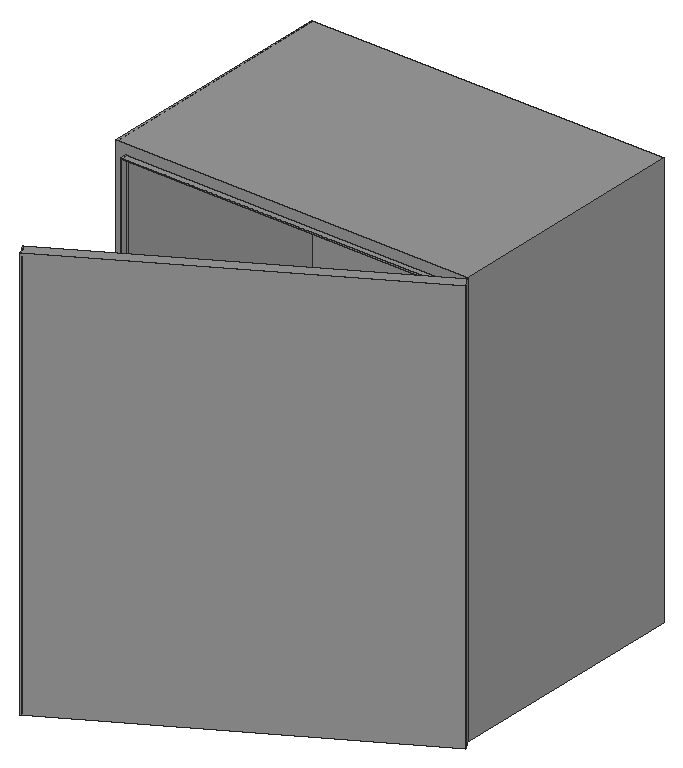
Revit family "Hager-Univers-IP55-D400-H650-Cl.II-Steel_encl-NoHosted-DE-de", category Equipement électrique, Revit 2020
Family settings
  Configuration du panneau = Deux colonnes, circuits au sein
  Cote de connecteur circulaire = Utiliser le diamètre
  Type d'élément = Tableau de raccordement
  Basée sur le plan de construction = Oui
  Toujours verticalement = Oui
  Couper avec des vides une fois chargée = Non
  Partagée = Non
  Point de calcul de pièce = Non
Parameters (values of type "Aufputz IP55 B550 H650 T400  - FR42H")
  Width Control [instance] = if([EF000008 - Breite] > Min Width, [EF000008 - Breite], Min Width)  # 550 mm
  Commentaires du type = [HG000003 - Bereich]  # "Univers"
  Thickness Door [instance] = if([EF009171 - Materialstärke Tür/Deckel] > 3 mm, 3 mm, [EF009171 - Materialstärke Tür/Deckel])  # 1.5 mm
  Seal Frame Offset [instance] = 17 mm  # constant formula
  Plinth Visibility [instance] = [HG000027 - Sockelhöhe] > 0 mm  # no
  Min Width [instance] = 100 mm  # constant formula
  Min Depth [instance] = (2 * [EF009170 - Materialstärke Gehäuse]) + 1 mm  # 4 mm
  Min Height [instance] = 100 mm  # constant formula
  Internal Frame Depth [instance] = (Door System Depth * 0.5)  # 9 mm
  Panel Name [instance] = ""  # (empty or 0)
  Model = ""
  HG000027 - Sockelhöhe = 0 mm
  HG000026 - Stehend auf dem Boden = no
  HG000024 - Höhe des unteren Teils = 600 mm
  HG000023 - Gehäuse mit doppeltem Querschnitt = no
  HG000016 - 3D-Türsichtbarkeit [instance] = yes
  HG000015 - Sichtbarkeit der Türöffnung [instance] = no
  HG000014 - Tür rechts [instance] = yes
  HG000013 - Tür links [instance] = not([HG000014 - Tür rechts])  # no
  HG000012 - Türschwenkwinkel [instance] = 30.00°
  HG000010 - Asymmetrische Türen = no
  HG000009 - Doppelflügeligen Tür = no
  HG000006 - Unterputz = no
  HG000004 - Herstellerreferenz = "FR42H"
  HG000003 - Bereich = "Univers"
  HG000002 - Mit tür = yes
  Frame Offset Bottom [instance] = 10 mm  # constant formula
  Frame Offset [instance] = 15 mm  # constant formula
  EF015940 - Deckel mit Überdruckentlastung = no
  EF011959 - Schutzart (NEMA) = ""
  EF009554 - Anzahl der Öffnungen für Flanschplatten = 4
  EF009212 - Ausführung Deckel = "EV000116 - geschlossen"
  EF009171 - Materialstärke Tür/Deckel = 1.5 mm
  EF009170 - Materialstärke Gehäuse = 1.5 mm
  EF008873 - Nennstrom (In) = 800 A
  EF007800 - Geeignet für Blitzschutz = no
  EF006306 - Mit Schloss = no
  EF006244 - Transparenter Deckel/Tür = no
  EF005474 - Schutzart (IP) = "EV006420 - IP55"
  EF004464 - Art der Tür = "EV002646 - Einzel"
  EF004427 - Anzahl der Module = 96
  EF004293 - Schlagfestigkeit = "EV008784 - IK10"
  EF003532 - Geeignet für Außengebrauch = no
  EF002950 - Breite in Teilungseinheiten = 2
  EF001613 - Funktionserhalt = "EV000494 - ohne"
  EF001596 - Werkstoff des Gehäuses = "EV000179 - Stahl"
  EF001131 - Innentiefe = 400 mm
  EF001088 - Anbaumöglichkeit = yes
  EF000437 - Anzahl der Leitungseinführungen = 4
  EF000339 - Art der Abdeckung = "EV004216 - Tür"
  EF000266 - Anzahl der Reihen = 4
  EF000218 - Einbautiefe = 0 mm
  EF000118 - Mit Montageplatte = no
  EF000116 - RAL-Nummer = "7035"
  EF000049 - Tiefe = 400 mm
  EF000040 - Höhe = 650 mm
  EF000008 - Breite = 550 mm
  EF000007 - Farbe = "EV000270 - grau"
  EF000003 - Montageart = "EV000384 - Aufputz"
  Door System Leaf Tolerance [instance] = 1.5 mm  # constant formula
  Door System Depth [instance] = 18 mm  # constant formula
  Door Height [instance] = Height Control - [HG000027 - Sockelhöhe]  # 650 mm
  Description = ""
  Default Elevation = 1219.2 mm
  Connector Offset [instance] = Height Control / 2  # 325 mm
  Fabricant = "Hager"  # constant formula
  Height Control [instance] = if([EF000040 - Höhe] > Min Height, [EF000040 - Höhe], Min Height)  # 650 mm
  Depth Control [instance] = if([EF000049 - Tiefe] > Min Depth, [EF000049 - Tiefe], Min Depth)  # 400 mm
  Bottom Top Plate Trim [instance] = 1.5 mm  # constant formula
  Plinth height Ctrl [instance] = if([HG000027 - Sockelhöhe] > 0 mm, [HG000027 - Sockelhöhe], 12 mm)  # 12 mm
Types (3, lengths in mm): name | Width Control | HG000009 - Doppelflügeligen Tür | HG000004 - Herstellerreferenz | EF009554 - Anzahl der Öffnungen für Flanschplatten | EF004464 - Art der Tür | EF004427 - Anzahl der Module | EF002950 - Breite in Teilungseinheiten | EF000437 - Anzahl der Leitungseinführungen | EF000008 - Breite
  Aufputz IP55 B1050 H650 T400  - FR44H | 1050 | no | "FR44H" | 8 | "EV002646 - Einzel" | 288 | 4 | 8 | 1050
  Aufputz IP55 B1550 H650 T400  - FR46H | 1550 | yes | "FR46H" | 12 | "EV003602 - Doppel" | 192 | 6 | 12 | 1550
  Aufputz IP55 B550 H650 T400  - FR42H | 550 | no | "FR42H" | 4 | "EV002646 - Einzel" | 96 | 2 | 4 | 550
Reference planes
  plane 1 "Center (Front/Back)": y = 0
  plane 2: z = 0
  plane 3 "Center (Left/Right)": x = 0
  plane 4: y = 0
  plane 5: y = 0
  plane 6: z = 0
  plane 7: x = -275
  plane 8: x = 275
  plane 9: x = 273.5
  plane 10: x = -273.5
  plane 11: z = 0
  plane 12: z = 1.5
  plane 13: y = -400
  plane 14: y = -1.5
  plane 15: x = 0
  plane 16: y = -382
  plane 17: y = -398.5
  plane 18: y = -380.5
  plane 19: x = -258.5
  plane 20: x = 258.5
  plane 21: z = 11.5
  plane 22: x = -258
  plane 23: x = 258
  plane 24: z = 0
  plane 25: z = 650
  plane 26: z = 650
  plane 27: z = 633.5
  plane 28: z = 648.5
Forms (mm)
  Extrusion 1, solid, material "Hager_Steel_RAL7035_Light_Grey", detail levels medium+fine
    sketch origin (-208.679, -4572, 0) x (-1, 0, 0) y (0, -1, 0)
      loop
        line (66.321, -4190) -> (-483.679, -4190) -> (-483.679, -4572) -> (66.321, -4572) -> (66.321, -4190)
    from 0 to 650
  Extrusion 2, void
    sketch origin (-350.771, -400, 1219.2) x (1, 0, 0) y (0, 0, 1)
      loop
        line (77.271, -570.7) -> (77.271, -1217.7) -> (624.271, -1217.7) -> (624.271, -570.7) -> (77.271, -570.7)
    from -19.5 to -398.5
  Extrusion 3, void
    sketch origin (-290.084, -382, 1219.2) x (1, 0, 0) y (0, 0, 1)
      loop
        line (31.584, -1207.7) -> (548.584, -1207.7) -> (548.584, -585.7) -> (31.584, -585.7) -> (31.584, -1207.7)
    from 0 to -1.5
  Extrusion 4, solid, material "Hager_Steel_RAL7035_Light_Grey", visible <- "Plinth Visibility", detail levels medium+fine
    sketch origin (0, 0, 0) x (1, 0, 0) y (0, 1, 0)
      loop
        line (-275, 0) -> (-275, -382) -> (275, -382) -> (275, 0) -> (-275, 0)
    from 0 to 12 <- "Plinth height Ctrl"
  Extrusion 5, solid, material "Hager_Steel_RAL7035_Light_Grey", detail levels coarse
    sketch origin (0, 0, 0) x (1, 0, 0) y (0, 1, 0)
      loop
        line (-275, 0) -> (-275, -400) -> (275, -400) -> (275, 0) -> (-275, 0)
    from 0 to 650 <- "Height Control"
  Sweep 6, void
    path in 3D
      loop
        line (-275, -382, 12) -> (275, -382, 12) -> (275, 0, 12) -> (-275, 0, 12) -> (-275, -382, 12)
    profile origin (-275, -191, 12) x (1, 0, 0) y (0, 0, 1)
      loop
        line (0, 0) -> (0, -1.5) -> (1.5, -1.5)
        arc (1.5, -1.5) -> (1.061, -0.439) -> (0, 0) r 1.5
  Extrusion 7, solid, material "Hager_Steel_RAL7035_Light_Grey", detail levels fine
    sketch origin (-275, -382, 0) x (1, 0, 0) y (0, 0, 1)
      loop
        line (16.5, 11.5) -> (533.5, 11.5) -> (533.5, 633.5) -> (16.5, 633.5) -> (16.5, 11.5)
      loop
        line (15, 10) -> (535, 10) -> (535, 635) -> (15, 635) -> (15, 10)
    from 0 to 9 <- "Internal Frame Depth"
Cuts and joins
  Extrusion 2, Extrusion 3 cuts Extrusion 1
  Sweep 6 cuts Extrusion 4
Lines and regions (mm)
  Masking region 1
    outline origin (0, 0, 0) x (1, 0, 0) y (0, 1, 0)
      loop
        line (-275, 0) -> (-275, -400) -> (275, -400) -> (275, 0) -> (-275, 0)
  Masking region 2, detail levels coarse
    outline origin (-290.084, -382, 1219.2) x (-1, 0, 0) y (0, 0, 1)
      loop
        line (-565.084, -1219.2) -> (-15.084, -1219.2) -> (-15.084, -569.2) -> (-565.084, -569.2) -> (-565.084, -1219.2)
  Masking region 3, detail levels coarse
    outline origin (0, 0, 0) x (0, 1, 0) y (0, 0, 1)
      loop
        line (0, 0) -> (0, 650) -> (-400, 650) -> (-400, 0) -> (0, 0)
  Masking region 4, visible <- "Plinth Visibility", detail levels medium+fine
    outline origin (0, 0, 0) x (0, 1, 0) y (0, 0, 1)
      loop
        line (-1.5, 12) -> (-380.5, 12)
        arc (-380.5, 12) -> (-380.939, 10.939) -> (-382, 10.5) r 1.5
        line (-382, 10.5) -> (-382, 0) -> (0, 0) -> (0, 10.5)
        arc (0, 10.5) -> (-1.061, 10.939) -> (-1.5, 12) r 1.5
  Masking region 5, detail levels medium+fine
    outline origin (0, 0, 594.038) x (0, 1, 0) y (0, 0, 1)
      loop
        line (0, -594.038) -> (0, 55.962) -> (-382, 55.962) -> (-382, -594.038) -> (0, -594.038)
  Masking region 6, detail levels medium+fine
    outline origin (-359.7, -382, 1211.883) x (-1, 0, 0) y (0, 0, 1)
      loop
        line (-634.7, -1211.883) -> (-84.7, -1211.883) -> (-84.7, -561.883) -> (-634.7, -561.883) -> (-634.7, -1211.883)
  Masking region 7, visible <- "Plinth Visibility", detail levels medium+fine
    outline origin (-320.334, -382, 1041.368) x (-1, 0, 0) y (0, 0, 1)
      loop
        line (-595.334, -1041.368) -> (-45.334, -1041.368) -> (-45.334, -1030.868)
        arc (-45.334, -1030.868) -> (-46.394, -1030.429) -> (-46.834, -1029.368) r 1.5
        line (-46.834, -1029.368) -> (-593.834, -1029.368)
        arc (-593.834, -1029.368) -> (-594.273, -1030.429) -> (-595.334, -1030.868) r 1.5
        line (-595.334, -1030.868) -> (-595.334, -1041.368)
  sketch lines
    curve 1: line (-275, 0, 12) -> (-275, -382, 12)
    curve 2: line (-275, -382, 12) -> (275, -382, 12)
    curve 3: line (275, 0, 12) -> (-275, 0, 12)
    curve 4: line (275, -382, 12) -> (275, 0, 12)
Dimensions and locks
  locked: plane 1 "Center (Front/Back)" to plane 5
  "EF009170 - Materialstärke Gehäuse": plane 7 to plane 10
  "EF009170 - Materialstärke Gehäuse": plane 8 to plane 9
  equal spacing: plane 7, plane 3 "Center (Left/Right)", plane 8
  "Width Control": plane 7 to plane 8
  "Depth Control": plane 4 to plane 13
  "EF009170 - Materialstärke Gehäuse": plane 4 to plane 14
  "Height Control": plane 25 to level
  "HG000027 - Sockelhöhe": plane 11 to level
  "EF009170 - Materialstärke Gehäuse": plane 12 to plane 11
  "EF009170 - Materialstärke Gehäuse": plane 17 to plane 13
  "EF009170 - Materialstärke Gehäuse": plane 18 to plane 16
  "Frame Offset Bottom": plane 21 to plane 12
  "Frame Offset": plane 10 to plane 19
  "Frame Offset": plane 9 to plane 20
  "Door System Depth": plane 16 to plane 13
  "Seal Frame Offset": plane 7 to plane 22
  "Seal Frame Offset": plane 8 to plane 23
  "EF009170 - Materialstärke Gehäuse": plane 26 to plane 28
  "Frame Offset": plane 28 to plane 27
  "Connector Offset": plane 2 to connector elem
  "Bottom Top Plate Trim": profile plane to Sweep 6 sketch curve
  "Bottom Top Plate Trim": Sweep 6 sketch curve to Sweep 6 sketch curve
  "Plinth height Ctrl": Masking region 4 sketch curve to level
  "Plinth height Ctrl": Masking region 7 sketch curve to level
  "Thickness Door": Extrusion 7 sketch curve to Extrusion 7 sketch curve  (x4)
  "Bottom Top Plate Trim": radius of Sweep 6 sketch curve
  "Bottom Top Plate Trim": radius of Masking region 4 sketch curve  (x2)
  "Bottom Top Plate Trim": radius of Masking region 7 sketch curve  (x2)
  aligned and locked: Extrusion 2 sketch curve to plane 12
  aligned and locked: Extrusion 2 sketch curve to plane 9
  aligned and locked: Extrusion 2 sketch curve to plane 10
  aligned and locked: plane 14 to Extrusion 2
  aligned and locked: plane 4 to Extrusion 1 sketch curve
  aligned and locked: plane 8 to Extrusion 1 sketch curve
  aligned and locked: plane 7 to Extrusion 1 sketch curve
  aligned and locked: Extrusion 2 to plane 18
  aligned and locked: Extrusion 3 sketch curve to plane 19
  aligned and locked: plane 20 to Extrusion 3 sketch curve
  aligned and locked: Extrusion 3 to Extrusion 2
  aligned and locked: Extrusion 3 sketch curve to plane 21
  aligned and locked: plane 3 "Center (Left/Right)" to nested 1
  aligned and locked: Extrusion 1 sketch curve to plane 16
  aligned and locked: Extrusion 4 sketch curve to cut or joined group of Extrusion 1, Extrusion 2, Extrusion 3
  aligned and locked: Masking region 1 sketch curve to plane 7
  aligned and locked: Masking region 1 sketch curve to plane 5
  aligned and locked: Masking region 1 sketch curve to plane 8
  aligned and locked: Masking region 2 sketch curve to level
  aligned and locked: level to Masking region 3 sketch curve
  aligned and locked: plane 1 "Center (Front/Back)" to Masking region 3 sketch curve
  aligned and locked: plane 13 to Masking region 3 sketch curve
  aligned and locked: plane 5 to Masking region 4 sketch curve
  aligned and locked: Masking region 2 sketch curve to plane 8
  aligned and locked: Masking region 2 sketch curve to plane 7
  aligned and locked: plane 7 to nested 2
  aligned and locked: nested 2 to plane 5
  aligned and locked: plane 5 to Masking region 5 sketch curve
  aligned and locked: plane 26 to Masking region 5 sketch curve
  aligned and locked: Extrusion 5 sketch curve to plane 8
  aligned and locked: Extrusion 5 sketch curve to plane 7
  aligned and locked: Extrusion 5 sketch curve to plane 5
  aligned and locked: Extrusion 3 sketch curve to plane 27
  aligned and locked: Extrusion 2 sketch curve to plane 28
  aligned and locked: Masking region 2 to plane 25
  aligned and locked: Extrusion 4 to plane 16
  aligned and locked: profile plane to Sweep 6 sketch curve
  aligned and locked: Masking region 5 sketch curve to plane 24
  aligned and locked: level to Masking region 4 sketch curve
  aligned and locked: Masking region 1 to plane 13
  aligned and locked: nested 1 to plane 16
  aligned and locked: Masking region 3 to plane 25
  aligned and locked: plane 16 to Masking region 4 sketch curve
  aligned and locked: Masking region 5 sketch curve to plane 16
  aligned and locked: plane 24 to plane 11
  aligned and locked: plane 26 to plane 25
  aligned and locked: plane 26 to cut or joined group of Extrusion 1, Extrusion 2, Extrusion 3
  aligned and locked: nested 1 to plane 24
  aligned and locked: Extrusion 1 to Extrusion 3
  aligned and locked: Masking region 6 sketch curve to plane 8
  aligned and locked: Masking region 6 sketch curve to plane 24
  aligned and locked: Masking region 6 sketch curve to plane 7
  aligned and locked: Masking region 6 sketch curve to plane 26
  aligned and locked: Masking region 7 sketch curve to plane 7
  aligned and locked: level to Masking region 7 sketch curve
  aligned and locked: Masking region 7 sketch curve to plane 8
  aligned and locked: Extrusion 7 sketch curve to cut or joined group of Extrusion 1, Extrusion 2, Extrusion 3  (x4)
Automatic sketch dimensions
  plane 19 to Extrusion 3 sketch curve = 0 mm
  Extrusion 3 sketch curve to plane 20 = 0 mm
  Extrusion 3 sketch curve to plane 21 = 0 mm
  Extrusion 4 sketch curve to plane 7 = 0 mm
  Extrusion 4 sketch curve to plane 8 = 0 mm
  Extrusion 4 sketch curve to plane 16 = 0 mm
  Masking region 1 sketch curve to plane 13 = 0 mm
  Masking region 2 sketch curve to plane 25 = 0 mm
  Masking region 3 sketch curve to plane 25 = 0 mm
  Extrusion 5 sketch curve to plane 13 = 0 mm
  profile plane to Sweep 6 sketch curve = 0 mm
Nested families
  nested 1: "EC000058_Univers_Door" at (0, -382, 0), Double <- "HG000009 - Doppelflügeligen Tür", Transparent <- "EF006244 - Transparenter Deckel/Tür", Angle <- "HG000012 - Türschwenkwinkel", Door_Right <- "HG000014 - Tür rechts", Assymetrical <- "HG000010 - Asymmetrische Türen", Door <- "HG000002 - Mit tür", Width_Ctrl <- "Width Control", 3d_Door <- "HG000016 - 3D-Türsichtbarkeit", Clearance <- "HG000015 - Sichtbarkeit der Türöffnung", Door_Left <- "HG000013 - Tür links", Width <- "Width Control", Door_Depth <- "Door System Depth", Leaf_Tolerance <- "Door System Leaf Tolerance", Height <- "Door Height", Lock_Visibility <- "EF006306 - Mit Schloss", Thickness <- "Thickness Door", type "EC000058_Univers_Door", detail levels medium+fine
    with min_wh 4 mm, Width_Ctrl 550 mm, Width 550 mm, Transparent no, Thickness 1.5 mm, Seal_Material Hager_Rubber, Lock_Visibility no, Lock_Material Hager_Plastic_RAL9005_Jet_Black, Leaf_Width 550 mm, Leaf_Tolerance_External_Sides 0 mm, Leaf_Tolerance 1.5 mm, Leaf_Offset 0 mm, Leaf_Height 647 mm, Leaf_2_Width 550 mm, Leaf_2_Offset 275 mm, Leaf_1_Width 550 mm, Leaf_1_Offset 275 mm, Height_Ctrl 650 mm, Height 650 mm, Glass_Material Hager_Glass, Double_Clearance_Ctrl no, Double no, Door_Right_Ctrl yes, Door_Right yes, Door_Material Hager_Steel_RAL7035_Light_Grey, Door_Left_Ctrl no, Door_Left no, Door_Depth 18 mm, Door yes, Clearance_Material Hager_Clearance, Clearance_Depth 550 mm, Clearance_Ctrl no, Clearance no, Assymetrical no, Angle 30.00°, 3d_Door yes
  nested 2: "Hager_Enclosure_Symbol" at (-275, 0, 0), Height <- "Depth Control", Width <- "Width Control", type "Hager_Enclosure_Symbol"
    with Width_Ctrl 550 mm, Width 550 mm, Height_Ctrl 400 mm, Height 400 mm, A_Width_Int 26.25 mm, A_Width 315 mm, A_Height_Ctrl 350 mm, A_Height 350 mm
Connectors
  electrical at (0, 0, 325)
    settings: on plane 1 "Center (Front/Back)", index 1, voltage 0 V, apparent load 0 VA, apparent load phase1 0 VA, apparent load phase2 0 VA, apparent load phase3 0 VA, power factor 1, load classification "Other", number of poles 1, system type 30, power factor state 1, is connector primary yes, connector utility no, sub classification motor no, connector description ""
Definition of nested family "EC000058_Univers_Door"
  Parameters (values of type "EC000058_Univers_Door")
    min_wh [instance] = (2 * Thickness) + 1 mm  # 11 mm
    Width_Ctrl [instance] = 400 mm
    Width [instance] = 500 mm
    Transparent [instance] = yes
    Thickness [instance] = 5 mm
    Seal_Material [instance] = none
    Lock_Visibility [instance] = yes
    Lock_Material [instance] = none
    Leaf_Width [instance] = if((Width_Ctrl - 2 * Leaf_Tolerance_External_Sides) > 0 mm, (Width_Ctrl - 2 * Leaf_Tolerance_External_Sides), min_wh)  # 400 mm
    Leaf_Tolerance_External_Sides [instance] = 0 mm  # constant formula
    Leaf_Tolerance [instance] = 1.5 mm
    Leaf_Offset [instance] = 0 mm  # constant formula
    Leaf_Height [instance] = if((Height_Ctrl - 2 * Leaf_Tolerance) > 0 mm, (Height_Ctrl - 2 * Leaf_Tolerance), min_wh)  # 497 mm
    Leaf_2_Width [instance] = if(and(and(Double, Assymetrical), Door_Left), (Leaf_Width / 3) - (Leaf_Tolerance / 2), if(and(and(Double, Assymetrical), Door_Right), (Leaf_Width / 3) * 2 - (Leaf_Tolerance / 2), if(and(Double, not(Assymetrical)), (Leaf_Width / 2) - Leaf_Tolerance, Leaf_Width)))  # 400 mm
    Leaf_2_Offset [instance] = if(and(Double, Assymetrical), Leaf_2_Width / 2, if(and(Double, not(Assymetrical)), Leaf_Width / 4, Leaf_Width / 2))  # 200 mm
    Leaf_1_Width [instance] = if(and(and(Double, Assymetrical), Door_Right), (Leaf_Width / 3) - (Leaf_Tolerance / 2), if(and(and(Double, Assymetrical), Door_Left), (Width / 3) * 2 - (Leaf_Tolerance / 2), if(and(Double, not(Assymetrical)), (Leaf_Width / 2) - Leaf_Tolerance, Leaf_Width)))  # 400 mm
    Leaf_1_Offset [instance] = if(and(Double, Assymetrical), Leaf_1_Width / 2, if(and(Double, not(Assymetrical)), Leaf_Width / 4, Leaf_Width / 2))  # 200 mm
    Height_Ctrl [instance] = if(Height > min_wh, Height, min_wh)  # 500 mm
    Height [instance] = 500 mm
    Glass_Material [instance] = none
    Double_Clearance_Ctrl [instance] = and(Double, Clearance)  # no
    Double [instance] = no
    Door_Right_Ctrl [instance] = and(or(Door_Right, Double), Door)  # yes
    Door_Right [instance] = yes
    Door_Material [instance] = none
    Door_Left_Ctrl [instance] = and(or(Door_Left, Double), Door)  # no
    Door_Left [instance] = no
    Door_Depth [instance] = 30 mm
    Door [instance] = yes
    Default Elevation = 1219.2 mm
    Clearance_Material [instance] = none
    Clearance_Depth [instance] = if(Leaf_1_Width > Leaf_2_Width, Leaf_1_Width, Leaf_2_Width)  # 400 mm
    Clearance_Ctrl [instance] = and(not(Double), Clearance)  # yes
    Clearance [instance] = yes
    Assymetrical [instance] = yes
    Angle [instance] = 30.00°
    3d_Door [instance] = yes
  Reference planes
    plane 1 "Center (Front/Back)": y = 0
    plane 2 "Bottom": z = 0
    plane 3 "Center (Left/Right)": x = 0
    plane 4: z = 500
    plane 5: x = -200
    plane 6: x = 200
    plane 7: z = 500
    plane 8: x = -200
    plane 9: z = 0
    plane 10: x = 200
    plane 11: y = 0
    plane 12: z = 1.5
    plane 13: x = -600
    plane 14: y = -400
    plane 15: x = 600
    plane 16: x = 0
    plane 17: x = 0
    plane 18: x = -200
    plane 19: x = 200
    plane 20: z = 498.5
  Forms (mm)
    Extrusion 1, solid, material <- "Clearance_Material", visible <- "Double_Clearance_Ctrl"
      sketch origin (1200, 0, 0) x (1, 0, 0) y (0, 0, -1)
        loop
          line (-1800, -498.5) -> (-600, -498.5) -> (-600, 0) -> (-1800, 0) -> (-1800, -498.5)
      from 0 to -400
  Dimensions and locks
    equal spacing: plane 5, plane 3 "Center (Left/Right)", plane 6
    "Width_Ctrl": plane 5 to plane 6
    "Leaf_Offset": plane 5 to plane 8
    "Leaf_Offset": plane 6 to plane 10
    "Leaf_Offset": plane 9 to level
    "Leaf_Offset": plane 4 to plane 7
    "Height_Ctrl": plane 4 to level
    "Leaf_Tolerance": plane 12 to plane 9
    locked: plane 11 to plane 1 "Center (Front/Back)"
    "Leaf_1_Offset": plane 18 to plane 16
    "Leaf_2_Offset": plane 17 to plane 19
    "Leaf_1_Width": plane 13 to plane 8
    "Leaf_2_Width": plane 10 to plane 15
    "Clearance_Depth": plane 14 to plane 1 "Center (Front/Back)"
    "Leaf_Tolerance_External_Sides": plane 8 to plane 18
    "Leaf_Tolerance_External_Sides": plane 19 to plane 10
    "Leaf_Tolerance": plane 7 to plane 20
    aligned and locked: level to plane 2 "Bottom"
    aligned and locked: nested 1 to plane 16
    aligned and locked: nested 2 to plane 17
    aligned and locked: Extrusion 1 to plane 13
    aligned and locked: plane 15 to Extrusion 1
    aligned and locked: Extrusion 1 to plane 14
    aligned and locked: plane 12 to nested 1
    aligned and locked: nested 2 to plane 12
    aligned and locked: Extrusion 1 to plane 11
    aligned and locked: plane 20 to Extrusion 1
    aligned and locked: nested 2 to plane 11
    aligned and locked: nested 1 to plane 11
  Automatic sketch dimensions
    Extrusion 1 sketch curve to level = 0 mm
    plane 5 to Extrusion 1 sketch curve = 400 mm
    plane 6 to Extrusion 1 sketch curve = 400 mm
    Extrusion 1 sketch curve to plane 4 = 1.5 mm
  Nested families
    nested 1: "EC000058_Univers_Door_Leaf" at (0, 0, 1.5), Width <- "Leaf_1_Width", visible <- "Door_Left_Ctrl", Leaf_Height <- "Leaf_Height", Angle <- "Angle", 3d_Door <- "3d_Door", Transparent <- "Transparent", Clearance Material <- "Clearance_Material", Clearance <- "Clearance_Ctrl", Door_Material <- "Door_Material", Glass_Material <- "Glass_Material", Door_Depth <- "Door_Depth", Lock_Material <- "Lock_Material", Seal_Material <- "Seal_Material", Lock_Visibility <- "Lock_Visibility", Thickness <- "Thickness", type "EC000058_Univers_Door_Leaf"
      with Width 400 mm, Transparent_Glass_Offset 30 mm, Transparent_Ctrl yes, Transparent yes, Thickness 5 mm, Standard no, Seal_Material none, Seal_D2 8 mm, Seal_D1 1 mm, Offset_Internal_Frame 10 mm, Lock_Width 20 mm, Lock_Visibility_3d yes, Lock_Visibility yes, Lock_Thickness_3 3 mm, Lock_Thickness_2 1 mm, Lock_Thickness_1 3 mm, Lock_Radius_Offset_2 16 mm, Lock_Radius_Offset_1 15 mm, Lock_Radius_2 5 mm, Lock_Radius 6 mm, Lock_Offset 5 mm, Lock_Material none, Lock_Height 80 mm, Lock_Cover_Top_Offset_2d 17 mm, Lock_Cover_Height -65 mm, Leaf_Height 497 mm, Internal_Seal_Thickness 8 mm, Internal_Seal_Depth_2 4.5 mm, Internal_Frame_Depth 25 mm, Glass_Thickness -1 mm, Glass_Offset -2 mm, Glass_Material none, Door_Material none, Door_Depth 30 mm, Clearance Material none, Clearance yes, Angle_Ctrl 30.00°, Angle 30.00°, 3d_Door yes
    nested 2: "EC000058_Univers_Door_Leaf" at (0, 0, 1.5) x (-1, 0, 0) z (0, 0, 1), Width <- "Leaf_2_Width", visible <- "Door_Right_Ctrl", Leaf_Height <- "Leaf_Height", Angle <- "Angle", 3d_Door <- "3d_Door", Transparent <- "Transparent", Clearance Material <- "Clearance_Material", Clearance <- "Clearance_Ctrl", Door_Material <- "Door_Material", Glass_Material <- "Glass_Material", Door_Depth <- "Door_Depth", Lock_Material <- "Lock_Material", Seal_Material <- "Seal_Material", Lock_Visibility <- "Lock_Visibility", Thickness <- "Thickness", type "EC000058_Univers_Door_Leaf"
      with Width 400 mm, Transparent_Glass_Offset 30 mm, Transparent_Ctrl yes, Transparent yes, Thickness 5 mm, Standard no, Seal_Material none, Seal_D2 8 mm, Seal_D1 1 mm, Offset_Internal_Frame 10 mm, Lock_Width 20 mm, Lock_Visibility_3d yes, Lock_Visibility yes, Lock_Thickness_3 3 mm, Lock_Thickness_2 1 mm, Lock_Thickness_1 3 mm, Lock_Radius_Offset_2 16 mm, Lock_Radius_Offset_1 15 mm, Lock_Radius_2 5 mm, Lock_Radius 6 mm, Lock_Offset 5 mm, Lock_Material none, Lock_Height 80 mm, Lock_Cover_Top_Offset_2d 17 mm, Lock_Cover_Height -65 mm, Leaf_Height 497 mm, Internal_Seal_Thickness 8 mm, Internal_Seal_Depth_2 4.5 mm, Internal_Frame_Depth 25 mm, Glass_Thickness -1 mm, Glass_Offset -2 mm, Glass_Material none, Door_Material none, Door_Depth 30 mm, Clearance Material none, Clearance yes, Angle_Ctrl 30.00°, Angle 30.00°, 3d_Door yes
  Definition of nested family "EC000058_Univers_Door_Leaf"
    Parameters (values of type "EC000058_Univers_Door_Leaf")
      Width [instance] = 2000 mm
      Transparent_Glass_Offset [instance] = 30 mm
      Transparent_Ctrl [instance] = and(Transparent, [3d_Door])  # yes
      Transparent [instance] = yes
      Thickness [instance] = 5 mm
      Standard [instance] = and(not(Transparent), [3d_Door])  # no
      Seal_Material [instance] = none
      Seal_D2 [instance] = 8 mm  # constant formula
      Seal_D1 [instance] = 1 mm  # constant formula
      Offset_Internal_Frame [instance] = 10 mm  # constant formula
      Lock_Width [instance] = 20 mm  # constant formula
      Lock_Visibility_3d [instance] = and(Lock_Visibility, [3d_Door])  # yes
      Lock_Visibility [instance] = yes
      Lock_Thickness_3 [instance] = 3 mm  # constant formula
      Lock_Thickness_2 [instance] = 1 mm  # constant formula
      Lock_Thickness_1 [instance] = 3 mm  # constant formula
      Lock_Radius_Offset_2 [instance] = Lock_Radius_Offset_1 + 1 mm  # 16 mm
      Lock_Radius_Offset_1 [instance] = 15 mm  # constant formula
      Lock_Radius_2 [instance] = Lock_Radius - 1 mm  # 5 mm
      Lock_Radius [instance] = 6 mm  # constant formula
      Lock_Offset [instance] = 5 mm  # constant formula
      Lock_Material [instance] = none
      Lock_Height [instance] = 80 mm  # constant formula
      Lock_Cover_Top_Offset_2d [instance] = Lock_Radius_Offset_2 + 1 mm  # 17 mm
      Lock_Cover_Height [instance] = -(Lock_Height - Lock_Radius_Offset_1)  # -65 mm
      Leaf_Height [instance] = 2720.336 mm
      Internal_Seal_Thickness [instance] = 8 mm  # constant formula
      Internal_Seal_Depth_2 [instance] = 4.5 mm  # constant formula
      Internal_Frame_Depth [instance] = if(Door_Depth - Thickness > 5 mm, Door_Depth - Thickness, 5 mm)  # 25 mm
      Glass_Thickness [instance] = if(Thickness > 15 mm, Glass_Offset + 10 mm, -1 mm)  # -1 mm
      Glass_Offset [instance] = if(Thickness > 15 mm, -(Thickness + 10 mm) / 2, -2 mm)  # -2 mm
      Glass_Material [instance] = none
      Door_Material [instance] = none
      Door_Depth [instance] = 30 mm
      Default Elevation = 0 mm
      Clearance Material [instance] = none
      Clearance [instance] = yes
      Angle_Ctrl [instance] = if(Angle > 180.00°, 180.00°, Angle)  # 90.00°
      Angle [instance] = 90.00°
      3d_Door [instance] = yes
    Reference planes
      plane 1 "Center (Front/Back)": y = 0
      plane 2: z = 0
      plane 3 "Center (Left/Right)": x = 0
      plane 4: y = 2000
      plane 5: x = -1000
      plane 6: x = 1000
      plane 7: x = -3000
      plane 8: z = 2720.336
      plane 9: z = 30
      plane 10: z = 2690.336
      plane 11: x = 970
      plane 12: x = -970
      plane 13: y = -3
      plane 14: z = 107.833
      plane 15: y = -5
      plane 16: y = -223.314
      plane 17: x = -1000
      plane 18: z = 1360.168
      plane 19: y = 30
    Forms (mm)
      Extrusion 1, solid, material <- "Clearance Material", visible <- "Clearance"
        sketch origin (0, 0, 0) x (1, 0, 0) y (0, 0, 1)
          loop
            line (-3000, 2720.336) -> (-3000, 0) -> (1000, 0) -> (1000, 2720.336) -> (-3000, 2720.336)
        from 0 to -2000
      Extrusion 2, solid, material <- "Door_Material", visible <- "Standard", detail levels medium+fine
        sketch origin (-1000, 0, 0) x (0, 1, 0) y (-1, 0, 0)
          loop
            line (0, 30) -> (0, 25) -> (2000, 25) -> (2000, 30) -> (0, 30)
        from 0 to 2720.336 <- "Leaf_Height"
      Extrusion 3, solid, material <- "Door_Material", visible <- "Transparent_Ctrl", detail levels medium+fine
        sketch origin (-1000, 0, 0) x (0, 1, 0) y (-1, 0, 0)
          loop
            line (0, 25) -> (2000, 25) -> (2000, 30) -> (0, 30) -> (0, 25)
        from 0 to 2720.336 <- "Leaf_Height"
      Extrusion 4, void
        sketch origin (-1025, 2000, 0) x (0, 1, 0) y (0, 0, -1)
          loop
            line (-30, -2690.336) -> (-30, -30) -> (-1970, -30) -> (-1970, -2690.336) -> (-30, -2690.336)
        from 0 to 5 <- "Thickness"
      Sweep 5, solid, material <- "Seal_Material", visible <- "Transparent_Ctrl", detail levels fine
        path in 3D
          loop
            line (-1025, 30, 30) -> (-1025, 30, 2690.336) -> (-1025, 1970, 2690.336) -> (-1025, 1970, 30) -> (-1025, 30, 30)
        profile origin (-1025, 1000, 30) x (1, 0, 0) y (0, 0, 1)
          loop
            line (0, 0) -> (0, -8) -> (1, -8) -> (1, 0) -> (0, 0)
      Extrusion 6, solid, material <- "Glass_Material", visible <- "Transparent_Ctrl", detail levels medium+fine
        sketch origin (-1030, 0, 0) x (0, 1, 0) y (0, 0, -1)
          loop
            line (1970, -2690.336) -> (1970, -30) -> (30, -30) -> (30, -2690.336) -> (1970, -2690.336)
        from -2 <- "Glass_Offset" to -1 <- "Glass_Thickness"
      Extrusion 7, solid, material <- "Door_Material", visible <- "3d_Door", detail levels medium+fine
        sketch origin (-1025, 2000, 0) x (0, -1, 0) y (0, 0, -1)
          loop
            line (0, -2720.336) -> (2000, -2720.336) -> (2000, 0) -> (0, 0) -> (0, -2720.336)
          loop
            line (1995, -5) -> (5, -5) -> (5, -2715.336) -> (1995, -2715.336) -> (1995, -5)
        from 0 to 25 <- "Internal_Frame_Depth"
      Sweep 8, solid, material <- "Seal_Material", visible <- "Transparent_Ctrl", detail levels fine
        path in 3D
          loop
            line (-1025, 0, 0) -> (-1025, 2000, 0) -> (-1025, 2000, 2720.336) -> (-1025, 0, 2720.336) -> (-1025, 0, 0)
        profile origin (-1025, 0, 1360.168) x (1, 0, 0) y (0, 1, 0)
          loop
            line (0, 10) -> (2.975, 10)
            arc (2.975, 10) -> (4.053, 10.447) -> (4.5, 11.525) r 1.525
            line (4.5, 11.525) -> (4.5, 16.527)
            arc (4.5, 16.527) -> (4.069, 17.569) -> (3.027, 18) r 1.473
            line (3.027, 18) -> (0, 18) -> (0, 10)
      Extrusion 9, solid, material <- "Lock_Material", visible <- "Lock_Visibility_3d", detail levels fine
        sketch origin (-1030, 0, 0) x (0, 1, 0) y (0, 0, -1)
          loop
            arc (1993.5, -1400.168) -> (1994.561, -1399.729) -> (1995, -1398.668) r 1.5
            line (1995, -1398.668) -> (1995, -1320.168) -> (1975, -1320.168) -> (1975, -1398.668)
            arc (1975, -1398.668) -> (1975.439, -1399.729) -> (1976.5, -1400.168) r 1.5
            line (1976.5, -1400.168) -> (1993.5, -1400.168)
        from 3 <- "Lock_Thickness_1" to 0
      Blend 10, solid, material <- "Lock_Material", visible <- "Lock_Visibility_3d", detail levels fine
        base sketch origin (-1033, 0, 0) x (0, 1, 0) y (0, 0, -1)
          loop
            line (1975, -1320.168) -> (1975, -1398.668)
            arc (1975, -1398.668) -> (1975.439, -1399.729) -> (1976.5, -1400.168) r 1.5
            line (1976.5, -1400.168) -> (1993.5, -1400.168)
            arc (1993.5, -1400.168) -> (1994.561, -1399.729) -> (1995, -1398.668) r 1.5
            line (1995, -1398.668) -> (1995, -1320.168) -> (1975, -1320.168)
        top sketch origin (-1033, 0, 0) x (0, 1, 0) y (0, 0, -1)
          loop
            line (1976, -1320.168) -> (1976, -1398.668)
            arc (1976, -1398.668) -> (1976.146, -1399.022) -> (1976.5, -1399.168) r 0.5
            line (1976.5, -1399.168) -> (1993.5, -1399.168)
            arc (1993.5, -1399.168) -> (1993.854, -1399.022) -> (1994, -1398.668) r 0.5
            line (1994, -1398.668) -> (1994, -1320.168) -> (1976, -1320.168)
        from 0 to 1 <- "Lock_Thickness_2"
      Blend 11, solid, material <- "Lock_Material", visible <- "Lock_Visibility_3d", detail levels fine
        base sketch origin (-1034, 0, 0) x (0, 1, 0) y (0, 0, -1)
          loop
            line (1978, -1320.168) -> (1978, -1384.168)
            arc (1978, -1384.168) -> (1985, -1391.168) -> (1992, -1384.168) r 7
            line (1992, -1384.168) -> (1992, -1320.168) -> (1978, -1320.168)
        top sketch origin (-1034, 0, 0) x (0, 1, 0) y (0, 0, -1)
          loop
            line (1991, -1320.168) -> (1979, -1320.168) -> (1979, -1383.168)
            arc (1979, -1383.168) -> (1985, -1389.168) -> (1991, -1383.168) r 6
            line (1991, -1383.168) -> (1991, -1320.168)
        from 0 to 3 <- "Lock_Thickness_3"
      Extrusion 12, solid, material <- "Lock_Material", visible <- "Lock_Visibility_3d", detail levels fine
        sketch origin (-1030, 1975, 1320.168) x (1, 0, 0) y (0, -1, 0)
          loop
            line (-7, -19) -> (-7, -1) -> (0, -1) -> (0, 0) -> (-8, 0) -> (-8, -20) -> (0, -20) -> (0, -19) -> (-7, -19)
        from 0 to -65 <- "Lock_Cover_Height"
      Extrusion 13, void
        sketch origin (-1038, 1995, 1320.168) x (-1, 0, 0) y (0, 0, -1)
          loop
            line (-5, -65) -> (0, -65) -> (-5, -60) -> (-5, -65)
        from 0 to 20 <- "Lock_Width"
      Extrusion 14, void
        sketch origin (-1038, 1975, 1320.168) x (0, -1, 0) y (0, 0, -1)
          loop
            circle (-10, -15.995) r 6
          loop
            circle (-10, -15.995) r 5
        from 0 to 2
      Extrusion 15, solid, material <- "Lock_Material", visible <- "Lock_Visibility_3d", detail levels medium
        sketch origin (-1030, 0, 0) x (0, 1, 0) y (0, 0, -1)
          loop
            arc (1993.5, -1400.168) -> (1994.561, -1399.729) -> (1995, -1398.668) r 1.5
            line (1995, -1398.668) -> (1995, -1320.168) -> (1975, -1320.168) -> (1975, -1398.668)
            arc (1975, -1398.668) -> (1975.439, -1399.729) -> (1976.5, -1400.168) r 1.5
            line (1976.5, -1400.168) -> (1993.5, -1400.168)
        from 8 to 0
    Cuts and joins
      Extrusion 4 cuts Extrusion 3
      Extrusion 13, Extrusion 14 cuts Extrusion 9
      Extrusion 14 cuts Blend 11
      Extrusion 13, Extrusion 14 cuts Extrusion 12
      joined: Extrusion 9, Blend 10, Blend 11, Extrusion 12
      Extrusion 14 cuts Extrusion 15
    Lines and regions (mm)
      Masking region 1, visible <- "Lock_Visibility", detail levels fine
        outline origin (0, 0, 0) x (0, 1, 0) y (0, 0, 1)
          loop
            line (30, 1320.168) -> (33, 1320.168) -> (33, 1400.168) -> (30, 1400.168) -> (30, 1320.168)
      Masking region 2, visible <- "Lock_Visibility", detail levels fine
        outline origin (0, 3.143, 0) x (0, 1, 0) y (0, 0, 1)
          loop
            line (29.857, 1354.168) -> (30.857, 1354.168) -> (30.857, 1366.168) -> (29.857, 1366.168) -> (29.857, 1354.168)
      Masking region 3, detail levels medium+fine
        outline origin (0, 0, 0) x (0, 1, 0) y (0, 0, 1)
          loop
            line (0, 0) -> (30, 0) -> (30, 2720.336) -> (0, 2720.336) -> (0, 0)
      Masking region 4, detail levels medium+fine
        outline origin (0, 0, 0) x (1, 0, 0) y (0, 0, 1)
          loop
            line (-1000, 2720.336) -> (-1000, 0) -> (1000, 0) -> (1000, 2720.336) -> (-1000, 2720.336)
      Masking region 5, visible <- "Lock_Visibility", detail levels fine
        outline origin (-47.116, 0, 0) x (1, 0, 0) y (0, 0, 1)
          loop
            arc (1024.616, 1399.168) -> (1023.556, 1398.729) -> (1023.116, 1397.668) r 1.5
            line (1023.116, 1397.668) -> (1023.116, 1320.168) -> (1041.116, 1320.168) -> (1041.116, 1397.668)
            arc (1041.116, 1397.668) -> (1040.677, 1398.729) -> (1039.616, 1399.168) r 1.5
            line (1039.616, 1399.168) -> (1024.616, 1399.168)
      Masking region 6, visible <- "Lock_Visibility", detail levels medium+fine
        outline origin (-25, 0, 0) x (1, 0, 0) y (0, 0, 1)
          loop
            arc (1001.5, 1400.168) -> (1000.439, 1399.729) -> (1000, 1398.668) r 1.5
            line (1000, 1398.668) -> (1000, 1320.168) -> (1020, 1320.168) -> (1020, 1398.668)
            arc (1020, 1398.668) -> (1019.561, 1399.729) -> (1018.5, 1400.168) r 1.5
            line (1018.5, 1400.168) -> (1001.5, 1400.168)
      Masking region 7, visible <- "Lock_Visibility", detail levels fine
        outline origin (-73.735, 0, 0) x (1, 0, 0) y (0, 0, 1)
          loop
            line (1051.735, 1382.168) -> (1065.735, 1382.168) -> (1065.735, 1384.168)
            arc (1065.735, 1384.168) -> (1058.735, 1391.168) -> (1051.735, 1384.168) r 7
            line (1051.735, 1384.168) -> (1051.735, 1382.168)
      Masking region 8, visible <- "Lock_Visibility", detail levels fine
        outline origin (-73.735, 0, 0) x (1, 0, 0) y (0, 0, 1)
          loop
            line (1052.735, 1382.168) -> (1064.735, 1382.168) -> (1064.735, 1383.168)
            arc (1064.735, 1383.168) -> (1058.735, 1389.168) -> (1052.735, 1383.168) r 6
            line (1052.735, 1383.168) -> (1052.735, 1382.168)
      Masking region 9, visible <- "Lock_Visibility", detail levels fine
        outline origin (-25, 0, 0) x (1, 0, 0) y (0, 0, 1)
          loop
            line (1020, 1320.168) -> (1020, 1382.168) -> (1000, 1382.168) -> (1000, 1320.168) -> (1020, 1320.168)
      Masking region 10, detail levels medium+fine
        outline origin (0, 0, 0) x (1, 0, 0) y (0, 0, 1)
          loop
            circle (985, 1335.144) r 6
      Masking region 11, detail levels fine
        outline origin (0, 0, 0) x (1, 0, 0) y (0, 0, 1)
          loop
            circle (985, 1335.144) r 5
      Masking region 12, visible <- "Lock_Visibility", detail levels fine
        outline origin (0, 12.767, 0) x (0, 1, 0) y (0, 0, 1)
          loop
            line (20.233, 1320.168) -> (21.233, 1320.168) -> (21.233, 1399.168) -> (20.233, 1400.168) -> (20.233, 1320.168)
      Masking region 13, visible <- "Lock_Visibility", detail levels fine
        outline origin (0, 13.767, -10) x (0, 1, 0) y (0, 0, 1)
          loop
            line (20.233, 1330.168) -> (23.233, 1330.168) -> (23.233, 1399.168) -> (20.233, 1402.168) -> (20.233, 1330.168)
      Masking region 14, visible <- "Lock_Visibility", detail levels fine
        outline origin (0, 12.767, -10) x (0, 1, 0) y (0, 0, 1)
          loop
            line (20.233, 1330.168) -> (25.233, 1330.168) -> (25.233, 1399.305) -> (20.233, 1394.305) -> (20.233, 1330.168)
      Masking region 15, visible <- "Lock_Visibility", detail levels medium
        outline origin (0, 0, 0) x (0, 1, 0) y (0, 0, 1)
          loop
            line (30, 1320.168) -> (38, 1320.168) -> (38, 1400.168) -> (30, 1400.168) -> (30, 1320.168)
      Masking region 16, visible <- "Lock_Visibility", detail levels fine
        outline origin (-1000, 0, 0) x (0, 1, 0) y (-1, 0, 0)
          loop
            line (1975, 30) -> (1995, 30) -> (1995, 38) -> (1975, 38) -> (1975, 30)
          loop
            line (1979, 37) -> (1976, 37) -> (1976, 34) -> (1978, 34) -> (1979, 37)
          loop
            line (1994, 37) -> (1991, 37) -> (1992, 34) -> (1994, 34) -> (1994, 37)
      Masking region 17, visible <- "Lock_Visibility", detail levels medium
        outline origin (-1000, 0, 0) x (0, 1, 0) y (-1, 0, 0)
          loop
            line (1975, 30) -> (1995, 30) -> (1995, 38) -> (1975, 38) -> (1975, 30)
      symbolic lines
        curve 1: line (1000, 0, 0) -> (-3000, 0, 0)
        curve 2: arc (1000, 0, 0) -> (-1000, 2000, 0) -> (-3000, 0, 0) r 2000
        curve 4: line (-1030, 0, 0) -> (-1030, 2000, 0)
      reference lines
        curve 3: line (-1000, 0, 0) -> (-1000, 2000, 0)
      symbolic lines, detail levels medium+fine
        curve 5: line (-1030, 2000, 0) -> (-1025, 2000, 0)
        curve 7: line (-1025, 0, 0) -> (-1030, 0, 0)
        curve 8: line (-1025, 0, 0) -> (-1000, 0, 0)
        curve 9: line (-1000, 0, 0) -> (-1000, 2000, 0)
        curve 10: line (-1000, 2000, 0) -> (-1025, 2000, 0)
      symbolic lines, detail levels fine
        curve 6: line (-1025, 2000, 0) -> (-1025, 0, 0)
      sketch lines
        curve 11: line (-1025, 0, 2720.336) -> (-1025, 0, 0)
        curve 12: line (-1025, 2000, 0) -> (-1025, 0, 0)
        curve 13: line (-1025, 2000, 2720.336) -> (-1025, 2000, 0)
        curve 14: line (-1025, 0, 2720.336) -> (-1025, 2000, 2720.336)
        curve 15: line (-1025, 1970, 30) -> (-1025, 30, 30)
        curve 16: line (-1025, 30, 30) -> (-1025, 30, 2690.336)
        curve 17: line (-1025, 1970, 2690.336) -> (-1025, 1970, 30)
        curve 18: line (-1025, 30, 2690.336) -> (-1025, 1970, 2690.336)
      symbolic lines, visible <- "Transparent", detail levels medium+fine
        curve 19: line (-970, 0, 2690.336) -> (970, 0, 2690.336)
        curve 20: line (-970, 0, 30) -> (-970, 0, 2690.336)
        curve 21: line (970, 0, 30) -> (-970, 0, 30)
        curve 22: line (970, 0, 2690.336) -> (970, 0, 30)
    Dimensions and locks
      "Width": plane 1 "Center (Front/Back)" to plane 4
      equal spacing: plane 5, plane 3 "Center (Left/Right)", plane 6
      "Width": plane 5 to plane 6
      "Width": plane 7 to plane 5
      "Leaf_Height": plane 8 to level
      "Width": curve 5 to curve 3
      "Width": curve 3 to curve 3
      plane 8 to plane 10 = 30 mm
      plane 9 to level = 30 mm
      plane 12 to plane 5 = 30 mm
      plane 6 to plane 11 = 30 mm
      Extrusion 1 to Extrusion 4 sketch curve = 30 mm
      "Transparent_Glass_Offset": curve 3 to Extrusion 4 sketch curve
      "Transparent_Glass_Offset": Extrusion 4 sketch curve to cut or joined group of Extrusion 3, Extrusion 4  (x2)
      cut or joined group of Extrusion 3, Extrusion 4 to Extrusion 6 sketch curve = 30 mm
      "Transparent_Glass_Offset": cut or joined group of Extrusion 3, Extrusion 4 to Extrusion 4 sketch curve
      "Thickness": curve 6 to curve 4
      "Thickness": Extrusion 7 sketch curve to Extrusion 7 sketch curve  (x4)
      "Door_Depth": curve 4 to curve 3
      "Offset_Internal_Frame": profile plane to Sweep 8 sketch curve
      "Internal_Seal_Thickness": Sweep 8 sketch curve to Sweep 8 sketch curve
      "Internal_Seal_Depth_2": profile plane to Sweep 8 sketch curve
      "Seal_D1": profile plane to Sweep 5 sketch curve
      "Seal_D2": profile plane to Sweep 5 sketch curve
      "Thickness": Extrusion 2 sketch curve to Extrusion 2 sketch curve
      equal spacing: Extrusion 9 sketch curve, plane 18, Extrusion 9 sketch curve  (x2)
      equal spacing: Masking region 1 sketch curve, plane 18, Masking region 1 sketch curve
      "Lock_Height": Masking region 1 sketch curve to Masking region 1 sketch curve
      "Lock_Radius": Masking region 2 sketch curve to plane 18 to Masking region 2 sketch curve
      Masking region 2 sketch curve to Masking region 1 = 1 mm
      "Door_Depth": plane 19 to plane 1 "Center (Front/Back)"
      "Lock_Thickness_1": Masking region 1 sketch curve to plane 19
      "Lock_Width": Extrusion 9 sketch curve to Extrusion 9 sketch curve
      "Lock_Height": Extrusion 9 sketch curve to Extrusion 9 sketch curve
      "Lock_Offset": cut or joined group of Extrusion 3, Extrusion 4 to Extrusion 9 sketch curve
      equal spacing: plane 8, plane 18, level
      "Lock_Radius_Offset_1": Blend 11 sketch curve to Blend 10
      locked: Blend 10 to Blend 11 sketch curve at 2  (x2)
      locked: var sketch to Blend 11 sketch curve at 1  (x2)
      "Lock_Radius_Offset_2": Blend 11 sketch curve to Blend 10
      locked: Extrusion 12 sketch curve to Extrusion 12 sketch curve at 1  (x3)
      Masking region 6 sketch curve to Masking region 6 sketch curve = 80 mm
      "Lock_Height": Masking region 6 sketch curve to Masking region 6 sketch curve
      "Lock_Width": Masking region 6 sketch curve to Masking region 6 sketch curve
      locked: Masking region 6 to Masking region 5 sketch curve at 1  (x3)
      locked: Masking region 5 to Masking region 7 sketch curve at 2  (x2)
      "Lock_Radius_Offset_1": Masking region 5 to Masking region 7 sketch curve
      "Lock_Radius_Offset_2": Masking region 5 to Masking region 8 sketch curve
      locked: Masking region 7 to Masking region 8 sketch curve at 1  (x2)
      "Lock_Cover_Top_Offset_2d": Masking region 5 to Masking region 9 sketch curve
      equal spacing: Masking region 9, Masking region 10 sketch curve, Masking region 9
      equal spacing: Masking region 9, Masking region 11 sketch curve, Masking region 9
      Extrusion 15 sketch curve to Extrusion 15 sketch curve = 80 mm
      "Lock_Width": Extrusion 15 sketch curve to Extrusion 15 sketch curve
      "Lock_Height": Extrusion 15 sketch curve to Extrusion 15 sketch curve
      equal spacing: Extrusion 15 sketch curve, plane 18, Extrusion 15 sketch curve
      "Lock_Thickness_3": Masking region 13 sketch curve to Masking region 13 sketch curve
      "Lock_Height": Masking region 12 sketch curve to Masking region 12 sketch curve
      locked: Masking region 13 sketch curve to Masking region 1 at 8
      locked: Masking region 14 sketch curve to Masking region 13 at 1
      locked: Masking region 14 sketch curve to Masking region 1 at 10.863
      "Lock_Height": Masking region 15 sketch curve to Masking region 15 sketch curve
      "Lock_Offset": Extrusion 15 sketch curve to cut or joined group of Extrusion 3, Extrusion 4
      "Lock_Offset": plane 6 to Masking region 6 sketch curve
      radius of Sweep 8 sketch curve = 1.525 mm
      radius of Sweep 8 sketch curve = 1.473 mm
      radius of Extrusion 9 sketch curve = 1.5 mm  (x2)
      "Lock_Radius": radius of Extrusion 14 sketch curve
      "Lock_Radius_2": radius of Extrusion 14 sketch curve
      "Lock_Radius": radius of Masking region 10 sketch curve
      "Lock_Radius_2": radius of Masking region 11 sketch curve
      radius of Extrusion 15 sketch curve = 1.5 mm  (x2)
      "Angle_Ctrl": angle plane 1 "Center (Front/Back)" to curve 3
      locked: Masking region 12 sketch curve to Masking region 12 sketch curve (angle 45.00°)
      locked: Masking region 13 sketch curve to Masking region 13 sketch curve (angle 45.00°)
      locked: Masking region 14 sketch curve to Masking region 14 sketch curve (angle 45.00°)
      aligned and locked: level to plane 2
      aligned and locked: Extrusion 1 to curve 1
      aligned and locked: plane 6 to Extrusion 1
      aligned and locked: Extrusion 1 to plane 1 "Center (Front/Back)"
      aligned and locked: plane 4 to Extrusion 1
      aligned and locked: plane 8 to Extrusion 1
      aligned and locked: curve 7 to Extrusion 2 sketch curve
      aligned and locked: curve 5 to Extrusion 2 sketch curve
      aligned and locked: curve 7 to Extrusion 3 sketch curve
      aligned and locked: Extrusion 3 sketch curve to curve 4
      aligned and locked: Extrusion 3 sketch curve to curve 6
      aligned and locked: Extrusion 3 sketch curve to curve 5
      aligned and locked: curve 9 to curve 3
      aligned and locked: Extrusion 7 sketch curve to cut or joined group of Extrusion 3, Extrusion 4  (x4)
      aligned and locked: plane 17 to curve 3
      aligned and locked: plane 1 "Center (Front/Back)" to curve 3
      aligned and locked: plane 17 to plane 5
      aligned and locked: Sweep 8 sketch curve to profile plane
      aligned and locked: Sweep 5 sketch curve to profile plane  (x2)
      aligned and locked: Masking region 1 to Masking region 2 sketch curve
      aligned and locked: plane 19 to Masking region 1 sketch curve
      aligned and locked: plane 1 "Center (Front/Back)" to Masking region 3 sketch curve
      aligned and locked: plane 19 to Masking region 3 sketch curve
      aligned and locked: level to Masking region 3 sketch curve
      aligned and locked: Masking region 3 sketch curve to plane 8
      aligned and locked: plane 17 to Masking region 4 sketch curve
      aligned and locked: level to Masking region 4 sketch curve
      aligned and locked: Masking region 4 sketch curve to plane 8
      aligned and locked: plane 12 to curve 20
      aligned and locked: plane 10 to curve 19
      aligned and locked: plane 11 to curve 22
      aligned and locked: curve 21 to plane 9
      aligned and locked: Extrusion 2 sketch curve to cut or joined group of Extrusion 3, Extrusion 4
      aligned and locked: Blend 10 sketch curve to Extrusion 9  (x4)
      aligned and locked: Extrusion 9 to Blend 10 sketch curve
      aligned and locked: Blend 10 to Blend 11 sketch curve
      aligned and locked: Extrusion 12 sketch curve to Blend 11
      aligned and locked: Extrusion 12 sketch curve to Extrusion 9  (x4)
      aligned and locked: Masking region 5 sketch curve to Masking region 6
      aligned and locked: Masking region 9 sketch curve to Masking region 6  (x3)
      aligned and locked: Masking region 12 sketch curve to Masking region 1
      aligned and locked: Masking region 13 sketch curve to Masking region 1
      aligned and locked: Masking region 12 to Masking region 14
      aligned and locked: Masking region 14 sketch curve to Masking region 1
      aligned and locked: Masking region 15 sketch curve to Masking region 14
      aligned and locked: Masking region 13 sketch curve to Masking region 12
      aligned and locked: Masking region 16 sketch curve to cut or joined group of Extrusion 14, Extrusion 15  (x4)
      aligned and locked: Masking region 16 sketch curve to cut or joined group of Extrusion 9, Blend 10, Blend 11, Extrusion 12, Extrusion 13, Extrusion 14  (x6)
      aligned and locked: cut or joined group of Extrusion 9, Blend 10, Blend 11, Extrusion 12, Extrusion 13, Extrusion 14 to Masking region 16 sketch curve
      aligned and locked: Masking region 17 sketch curve to cut or joined group of Extrusion 14, Extrusion 15  (x3)
      aligned and locked: Masking region 17 sketch curve to cut or joined group of Extrusion 9, Blend 10, Blend 11, Extrusion 12, Extrusion 13, Extrusion 14
      aligned and locked: Masking region 9 to Masking region 8 sketch curve
      aligned and locked: Masking region 9 to Masking region 7 sketch curve
    Automatic sketch dimensions
      plane 1 "Center (Front/Back)" to curve 2 = 0 mm
      curve 2 to plane 5 = 0 mm
      Extrusion 1 sketch curve to level = 0 mm
      Extrusion 1 sketch curve to plane 7 = 0 mm
      Extrusion 1 sketch curve to plane 6 = 0 mm
      Extrusion 1 sketch curve to plane 8 = 0 mm
      Extrusion 3 to Extrusion 6 sketch curve = 30 mm  (x4)
      Masking region 4 sketch curve to plane 6 = 0 mm
      Blend 10 sketch curve to Extrusion 9 = 1.5 mm
      Blend 10 sketch curve to Extrusion 9 = 1 mm
      Extrusion 13 sketch curve to Extrusion 12 = 0 mm  (x2)
      Extrusion 12 to Extrusion 13 sketch curve = 3 mm
      Extrusion 13 sketch curve to Extrusion 12 = 5 mm
      Extrusion 14 sketch curve to Extrusion 14 sketch curve = 0 mm  (x2)
      Extrusion 14 sketch curve to Extrusion 12 = 10 mm
      Extrusion 14 sketch curve to Extrusion 12 = 15.995 mm
      Masking region 5 sketch curve to Masking region 5 sketch curve = 1.5 mm  (x2)
      Masking region 10 sketch curve to plane 18 = 25.024 mm
      Masking region 11 sketch curve to plane 18 = 25.024 mm
      plane 19 to Masking region 14 sketch curve = 3 mm
      Masking region 16 sketch curve to Masking region 16 sketch curve = 3 mm
      curve 4 to curve 3 = 0 mm
      Blend 10 to Blend 11 sketch curve = 0 mm
      Masking region 6 sketch curve to Masking region 6 sketch curve = 1.5 mm  (x2)
      Masking region 6 sketch curve to plane 18 = 40 mm
      plane 19 to Masking region 12 sketch curve = 3 mm
      Masking region 12 sketch curve to Masking region 12 sketch curve = 1 mm
      Masking region 15 sketch curve to plane 19 = 0 mm
      Masking region 15 sketch curve to plane 18 = 40 mm
      radius of Blend 10 sketch curve to Extrusion 9 = 1 mm
Definition of nested family "Hager_Enclosure_Symbol"
  Parameters (values of type "Hager_Enclosure_Symbol")
    Width_Ctrl [instance] = if(Width > 1 mm, Width, 1 mm)  # 102.27 mm
    Width [instance] = 102.27 mm
    Height_Ctrl [instance] = if(Height > 1 mm, Height, 1 mm)  # 66.5 mm
    A_Width_Int [instance] = if(A_Width / 12 > 2 mm, A_Width / 12, 2 mm)  # 4.364 mm
    A_Width [instance] = if(A_Height_Ctrl * 0.9 > 2 mm, A_Height_Ctrl * 0.9, 2 mm)  # 52.369 mm
    A_Height_Ctrl [instance] = if(A_Height > 2 mm, A_Height, 2 mm)  # 58.188 mm
    Height [instance] = 66.5 mm
    A_Height [instance] = Height - (Height / 8)  # 58.188 mm
  Reference planes
    plane 1 "Centre (avant/arrière)": y = 0
    plane 2: z = 0
    plane 3 "Centre (gauche/droite)": x = 0
    plane 4: x = 52.369
    plane 5: y = 33.042
    plane 6: y = 41.77
    plane 7: y = 66.5
    plane 8: x = 26.184
    plane 9: y = 37.406
    plane 10: x = 102.27
    plane 11: y = 66.5
    plane 12: y = 8.313
  Lines and regions (mm)
    Filled region 1, type "Solid_Black", in view "Niveau de réf."
      outline origin (0, 0, 0) x (1, 0, 0) y (0, 1, 0)
        loop
          line (52.369, 66.5) -> (33.188, 54.536) -> (45.365, 45.006) -> (52.369, 66.5)
    Filled region 2, type "Solid_Black", in view "Niveau de réf."
      outline origin (0, 0, 0) x (1, 0, 0) y (0, 1, 0)
        loop
          line (0, 0) -> (102.27, 0) -> (102.27, 66.5) -> (0, 0)
    detail lines, in view "Niveau de réf."
      curve 1: line (0, 8.313, 0) -> (26.184, 41.77, 0)
      curve 2: line (26.184, 41.77, 0) -> (26.184, 33.042, 0)
      curve 3: line (26.184, 33.042, 0) -> (52.369, 66.5, 0)
  Dimensions and locks
    "A_Width": plane 3 "Centre (gauche/droite)" to plane 4
    equal spacing: plane 3 "Centre (gauche/droite)", plane 8, plane 4
    equal spacing: plane 6, plane 9, plane 5
    equal spacing: curve 3, Filled region 1 sketch curve, Filled region 1 sketch curve
    "Height_Ctrl": plane 1 "Centre (avant/arrière)" to plane 11
    "A_Height_Ctrl": plane 11 to plane 12
    equal spacing: plane 11, plane 9, plane 12
    "A_Width_Int": plane 6 to plane 9
    "Width_Ctrl": plane 3 "Centre (gauche/droite)" to plane 10
    angle Filled region 1 sketch curve to curve 3 = 20.00°
    angle curve 3 to Filled region 1 sketch curve = 20.00°
    locked: curve 3 to Filled region 1 sketch curve (angle 90.00°)
    aligned and locked: plane 10 to Filled region 2
    aligned and locked: plane 11 to Filled region 2 sketch curve
    aligned and locked: plane 10 to Filled region 2 sketch curve
    aligned and locked: plane 3 "Centre (gauche/droite)" to curve 1
    aligned and locked: plane 12 to curve 1
    aligned and locked: plane 7 to plane 11
  Automatic sketch dimensions
    Filled region 1 sketch curve to plane 4 = 0 mm
    Filled region 1 sketch curve to plane 7 = 0 mm
    plane 1 "Centre (avant/arrière)" to Filled region 2 sketch curve = 0 mm
    Filled region 2 sketch curve to plane 3 "Centre (gauche/droite)" = 0 mm
    curve 2 to plane 6 = 0 mm
    curve 2 to plane 8 = 0 mm
    curve 3 to plane 4 = 0 mm
    curve 2 to plane 5 = 0 mm
    curve 3 to plane 7 = 0 mm
